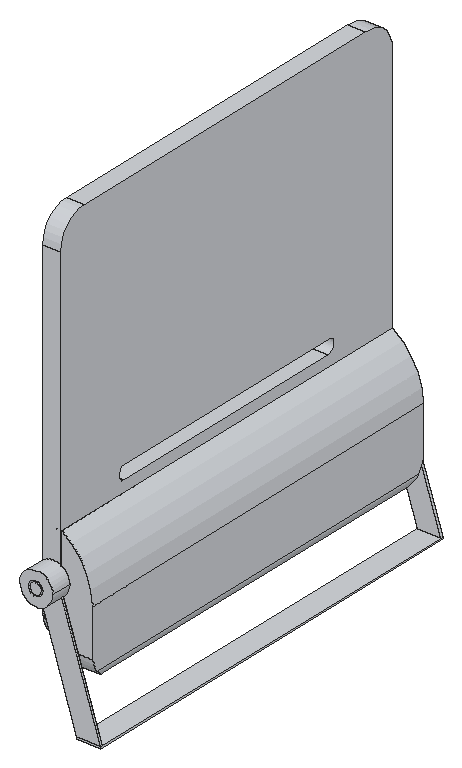
Revit family "2824074", category Generic Models, host Face, Revit 2018
Family settings
  Host = Face
  Can host rebar = No
  Round Connector Dimension = Use Diameter
  Part Type = Normal
  OmniClass Number = 23.80.70.00
  OmniClass Title = Lighting
  Cut with Voids When Loaded = No
  Shared = No
  Room Calculation Point = No
Parameters (values of type "Type Name")
  rotation axis = 142.4 mm
  bracket width = 588 mm
  URL = "http://www.sylvania-lighting.com"
  Type Image = <None>
  Type Comments = "n/a"
  Material_3_SYL = none
  Model = ""
  Manufacturer = "Feilo Sylvania"
  Keynote = ""
  Material_2_SYL = none
  Height = 157.859 mm
  Description = ""
  Default Elevation = 1219.2 mm
  Cost = 0
  Material_1_SYL = none
  Bracket Height = 195 mm
  Assembly Code = ""
  Material_4_SYL = none
Reference planes
  plane 1 "Center (Front/Back)": y = 0
  plane 2: z = 0
  plane 3 "Center (Left/Right)": x = 0
  plane 4: x = -16.5
  plane 5: x = 16.5
  plane 6: z = 155
  plane 7: x = -51.5
  plane 8: z = 137
  plane 9 "Rotation Axis": z = 142.4
  plane 10: z = 152.35
  plane 11: z = 195
  plane 12: x = -73.847
  plane 13: y = 294
  plane 14: y = -294
  plane 15: through (-72.693, -4572, 174.07) normal (-0.3105, 0, 0.9506)
  plane 16: through (-63.557, -4572, 193.954) normal (0.9506, 0, 0.3105)
  plane 17: y = 312
  plane 18: y = 288
  plane 19: y = -312
  plane 20: y = -286
  plane 21: z = 65
Forms (mm)
  Extrusion 1, solid, detail levels medium+fine
    sketch origin (0, 0, 0) x (1, 0, 0) y (0, 1, 0)
      loop
        line (-16.5, 294) -> (-16.5, -294) -> (16.5, -294) -> (16.5, 294) -> (-16.5, 294)
    from 0 to 2
  Extrusion 2, solid, detail levels medium+fine
    sketch origin (1524, -474.9, 1220.035) x (1, 0, 0) y (0, 0, 1)
      loop
        line (-1540.496, -1218.035) -> (-1507.966, -1218.035) -> (-1567.674, -1035.217)
        arc (-1567.674, -1035.217) -> (-1587.557, -1026.081) -> (-1596.693, -1045.965) r 15.473
        line (-1596.693, -1045.965) -> (-1540.496, -1218.035)
    from -180.9 to -182.9
  Extrusion 3, solid, detail levels medium+fine
    sketch origin (0, 0, 0.069) x (1, 0, 0) y (0, 0, 1)
      loop
        line (-16.39, 1.931) -> (16.139, 1.931) -> (-43.636, 184.958)
        arc (-43.636, 184.958) -> (-63.457, 193.922) -> (-72.656, 174.21) r 15.474
        line (-72.656, 174.21) -> (-16.39, 1.931)
    from -294 to -292
  Extrusion 4, solid, detail levels medium+fine
    sketch origin (-6.388, 0, 36.204) x (1, 0, 0) y (0, 0, 1)
      loop
        circle (-51.99, 142.374) r 22.5
    from -286.248 to -312
  Extrusion 5, solid, detail levels medium+fine
    sketch origin (-6.358, 0, 36.195) x (1, 0, 0) y (0, 0, 1)
      loop
        circle (-51.99, 142.374) r 22.5
    from 283.024 to 312
  Extrusion 6, void
    sketch origin (-6.561, 0, 36.284) x (1, 0, 0) y (0, 0, 1)
      loop
        circle (-51.99, 142.374) r 10
    from 294 to 312
  Extrusion 7, solid, detail levels fine
    sketch origin (-6.561, 0, 36.201) x (1, 0, 0) y (0, 0, 1)
      loop
        circle (-51.99, 142.374) r 7.5
    from 294 to 312
  Extrusion 8, void
    sketch origin (1517.357, -324.9, 1255.472) x (1, 0, 0) y (0, 0, 1)
      loop
        circle (-1575.99, -1076.826) r 10
    from -636.9 to -618.9
  Extrusion 9, solid, detail levels fine
    sketch origin (1517.42, -324.9, 1255.374) x (1, 0, 0) y (0, 0, 1)
      loop
        circle (-1575.99, -1076.826) r 7.5
    from -636.9 to -618.9
  Revolve 10, solid, not visible, detail levels coarse
    sketch origin (-58.257, 1655.459, 1254.912) x (0, 1, 0) y (0, 0, 1)
      loop
        line (-1369.21, -1054.349) -> (-1379.437, -1054.349) -> (-1379.437, -1074.349) -> (-1369.21, -1074.349) -> (-1369.21, -1054.349)
      axis (-1369.21, -1076.8) -> (-1379.437, -1076.8)
    angle from 0 to 180
Cuts and joins
  Extrusion 6 cuts Extrusion 5
  Extrusion 8 cuts Extrusion 4
Dimensions and locks
  "Bracket Height": plane 11 to level
  "bracket width": plane 14 to plane 13
  equal spacing: plane 14, plane 1 "Center (Front/Back)", plane 13
  aligned and locked: plane 2 to host face
  aligned and locked: level to host face
Automatic sketch dimensions
  host sketch curve to host sketch curve = 2438.4 mm  (x2)
  Extrusion 1 sketch curve to plane 4 = 0 mm
  Extrusion 1 sketch curve to plane 5 = 0 mm
  Extrusion 4 sketch curve to plane 9 "Rotation Axis" = 36.178 mm
  Extrusion 5 sketch curve to plane 9 "Rotation Axis" = 36.169 mm
  Extrusion 6 sketch curve to plane 9 "Rotation Axis" = 36.258 mm
  Extrusion 7 sketch curve to plane 9 "Rotation Axis" = 36.175 mm
  Extrusion 8 sketch curve to plane 9 "Rotation Axis" = 36.246 mm
  Extrusion 9 sketch curve to plane 9 "Rotation Axis" = 36.148 mm
  Revolve 10 sketch curve to plane 9 "Rotation Axis" = 35.712 mm
  Revolve 10 sketch curve to Revolve 10 sketch curve = 10.227 mm
  Revolve 10 sketch curve to plane 9 "Rotation Axis" = 38.163 mm
  plane 6 to Revolve 10 sketch curve = 45.563 mm
  Revolve 10 sketch curve to Revolve 10 sketch curve = 62.43 mm
  Revolve 10 sketch curve to Revolve 10 sketch curve = 22.367 mm
  plane 12 to Extrusion 2 sketch curve = 1.154 mm
  plane 7 to Extrusion 2 sketch curve = 6.684 mm
  Extrusion 2 sketch curve to plane 7 = 7.826 mm
  plane 4 to Extrusion 2 sketch curve = 0.004 mm
  level to Extrusion 2 sketch curve = 2 mm
  plane 6 to Extrusion 2 sketch curve = 19.07 mm
  Extrusion 2 sketch curve to Extrusion 2 sketch curve = 5.374 mm
  Extrusion 2 sketch curve to plane 5 = 0.466 mm
  plane 12 to Extrusion 3 sketch curve = 1.191 mm
  plane 7 to Extrusion 3 sketch curve = 6.582 mm
  Extrusion 3 sketch curve to plane 7 = 7.864 mm
  plane 4 to Extrusion 3 sketch curve = 0.11 mm
  Extrusion 3 sketch curve to plane 5 = 0.361 mm
  level to Extrusion 3 sketch curve = 2 mm
  Extrusion 3 sketch curve to Extrusion 3 sketch curve = 5.202 mm
  Extrusion 3 sketch curve to plane 11 = 9.973 mm
  plane 7 to Extrusion 6 sketch curve = 7.052 mm
  plane 7 to Extrusion 7 sketch curve = 7.051 mm
  plane 7 to Extrusion 9 sketch curve = 7.07 mm
  plane 7 to Extrusion 4 sketch curve = 6.879 mm
  plane 7 to Extrusion 5 sketch curve = 6.848 mm
  plane 7 to Extrusion 8 sketch curve = 7.133 mm
  Extrusion 1 sketch curve to plane 13 = 0 mm
  Extrusion 1 sketch curve to plane 14 = 0 mm
  Revolve 10 sketch curve to plane 18 = 11.979 mm
  radius of Extrusion 4 sketch curve = 22.5 mm
  radius of Extrusion 5 sketch curve = 22.5 mm
  radius of Extrusion 6 sketch curve = 10 mm
  radius of Extrusion 7 sketch curve = 7.5 mm
  radius of Extrusion 8 sketch curve = 10 mm
  radius of Extrusion 9 sketch curve = 7.5 mm
Nested families
  nested 1: "2824074" at (-58.257, -66.148, 317.5) x (0, 1, 0) z (1, 0, 0), type "2824074 RAIDEN IP66 30KLM 840 ASYM"
    with built-in parameter 1114216 (empty or 0)
Definition of nested family "2824074"
  Parameters (values of type "2824074 RAIDEN IP66 30KLM 840 ASYM")
    height = 60 mm
    Width = 319 mm
    Wattage Comments = "n/a"
    Wattage = 9.2903 W
    built-in parameter 1150110 = 1 (stored number, unit not read)
    URL = "0.95"
    Type Image = (empty or 0)
    Type Comments = "n/a"
    built-in parameter 1114217 = 1 (stored number, unit not read)
    Tilt Angle = -90.00°
    built-in parameter 1150109 = 1 (stored number, unit not read)
    built-in parameter 1150134 = 3
    built-in parameter 1150113 = 1 (stored number, unit not read)
    Photometric Web File = "2824074.IES"
    Material_3_SYL = none
    Model = "Raiden IP66 30KLM 840 Asymmetric Wide"
    Manufacturer = ""
    built-in parameter 1150105 = 109.82 (stored number, unit not read)
    Lumens = 1380 lm
    built-in parameter 1150115 = 1 (stored number, unit not read)
    built-in parameter 1150137 = (empty or 0)
    built-in parameter 1150139 = (empty or 0)
    Length = 511 mm
    built-in parameter 1150112 = 1 (stored number, unit not read)
    built-in parameter 1150114 = 1 (stored number, unit not read)
    Lamp = "n/a"
    Keynote = "n/a"
    Material_2_SYL = none
    built-in parameter 1150132 = (empty or 0)
    built-in parameter 1150102 = (empty or 0)
    built-in parameter 1150107 = 3200 (stored number, unit not read)
    built-in parameter 1150138 = (empty or 0)
    built-in parameter 1150106 = 1.0982 (stored number, unit not read)
    Emit from Circle Diameter = 609.6 mm
    Emit Shape Visible in Rendering = no
    built-in parameter 1150104 = 13.8 (stored number, unit not read)
    Dimming Lamp Color Temperature Shift = (empty or 0)
    Description = "Outdoor and indoor floodlight range with in house design, comes complete with 1m flying lead and adjustable bracket, aluminium housing, RAL 9022 - Pearl light grey, clear glass diffuser, IP66, IK08, Class I, 4000K, Non-dimming, 28800lm, 221W, 130lm/W, CRI80, Asymmetric Wide beam angle 110*50°, 100000 hrs L80B50 lifespan, 561x569x76mm (LxWxH) dimensions, 12.5kg weight."
    Default Elevation = 1219.2 mm
    Cost = 0
    Color Filter = 16777215
    built-in parameter 1114216 [instance] = (empty or 0)
    Material_1_SYL = none
    Body Length = 561 mm
    built-in parameter 1114218 = 1 (stored number, unit not read)
    built-in parameter 1150133 = 10 (stored number, unit not read)
    Assembly Code = "D5020200"
    Apparent Load = 221 VA
    Material_4_SYL = none
  Reference planes
    plane 1 "Center (Front/Back)": y = 2.5
    plane 2: z = 0.95
    plane 3 "Center (Left/Right)": x = 68.124
    plane 4: z = -14.05
    plane 5: z = 15.95
    plane 6: z = 0.95
    plane 7: z = 45.95
    plane 8: y = -253
    plane 9: y = -56
    plane 10: x = 253.624
    plane 11: x = -117.376
    plane 12: x = -123.376
    plane 13: y = -226
    plane 14: y = -76
    plane 15: y = -41.5
    plane 16: y = -213
    plane 17: x = 187.624
    plane 18: x = 259.624
    plane 19: x = 352.624
    plane 20: x = -216.376
    plane 21: x = -194.376
    plane 22: x = 330.624
    plane 23: y = 308
    plane 24: y = 286
    plane 25: x = 322.624
  Forms (mm)
    Extrusion 1, solid
      sketch origin (26.073, 0, 0.95) x (1, 0, 0) y (0, 1, 0)
        loop
          line (-1219.2, 1219.2) -> (-1219.2, -1219.2) -> (1219.2, -1219.2) -> (1219.2, 1219.2) -> (-1219.2, 1219.2)
      from 0 to -68.017
    Extrusion 2, solid, detail levels medium+fine
      sketch origin (83.124, -34.451, 0.95) x (1, 0, 0) y (0, 1, 0)
        loop
          line (-299.5, 302.451) -> (-299.5, -151.549)
          arc (-299.5, -151.549) -> (-287.784, -179.833) -> (-259.5, -191.549) r 40
          line (-259.5, -191.549) -> (229.5, -191.549)
          arc (229.5, -191.549) -> (257.784, -179.833) -> (269.5, -151.549) r 40
          line (269.5, -151.549) -> (269.5, 303.451)
          arc (269.5, 303.451) -> (256.273, 332.849) -> (225.5, 342.451) r 39.284
          line (225.5, 342.451) -> (-259.5, 342.451)
          arc (-259.5, 342.451) -> (-287.784, 330.735) -> (-299.5, 302.451) r 40
      from -15 to 9.702
    Extrusion 3, solid, detail levels medium+fine
      sketch origin (402.124, 1489.549, 1205.15) x (0, 1, 0) y (0, 0, 1)
        loop
          line (-1644.468, -1151.519) -> (-1728.014, -1151.519)
          arc (-1728.014, -1151.519) -> (-1739.904, -1157.404) -> (-1742.436, -1170.427) r 14.954
          line (-1742.436, -1170.427) -> (-1715.549, -1219.2) -> (-1565.549, -1219.2) -> (-1565.549, -1194.2)
          arc (-1565.549, -1194.2) -> (-1599.607, -1162.873) -> (-1644.468, -1151.519) r 94.303
      from -618.5 to -49.5
    Extrusion 4, void
      sketch origin (81.72, -11.578, 0.95) x (1, 0, 0) y (0, 1, 0)
        loop
          arc (-276.096, 29.078) -> (-271.703, 18.471) -> (-261.096, 14.078) r 15
          line (-261.096, 14.078) -> (233.904, 14.078)
          arc (233.904, 14.078) -> (244.51, 18.471) -> (248.904, 29.078) r 15
          line (248.904, 29.078) -> (248.904, 282.578)
          arc (248.904, 282.578) -> (244.51, 293.184) -> (233.904, 297.578) r 15
          line (233.904, 297.578) -> (-261.096, 297.578)
          arc (-261.096, 297.578) -> (-271.703, 293.184) -> (-276.096, 282.578) r 15
          line (-276.096, 282.578) -> (-276.096, 29.078)
      from -16.268 to -10.594
    Extrusion 5, solid, detail levels fine
      sketch origin (83.124, 0.218, 0.95) x (1, 0, 0) y (0, 1, 0)
        loop
          arc (-262.5, 285.782) -> (-273.107, 281.388) -> (-277.5, 270.782) r 15
          line (-277.5, 270.782) -> (-277.5, 17.282)
          arc (-277.5, 17.282) -> (-273.107, 6.675) -> (-262.5, 2.282) r 15
          line (-262.5, 2.282) -> (232.5, 2.282)
          arc (232.5, 2.282) -> (243.107, 6.675) -> (247.5, 17.282) r 15
          line (247.5, 17.282) -> (247.5, 270.782)
          arc (247.5, 270.782) -> (243.107, 281.388) -> (232.5, 285.782) r 15
          line (232.5, 285.782) -> (-262.5, 285.782)
      from -12.231 to -10.594
    Extrusion 6, void
      sketch origin (58.977, -53.062, 0.95) x (1, 0, 0) y (0, 1, 0)
        loop
          arc (184.512, -8.423) -> (194.512, 1.577) -> (184.512, 11.577) r 10
          line (184.512, 11.577) -> (-166.339, 11.577)
          arc (-166.339, 11.577) -> (-176.339, 1.577) -> (-166.339, -8.423) r 10
          line (-166.339, -8.423) -> (184.512, -8.423)
      from -18.734 to 12.525
    Extrusion 7, void
      sketch origin (68.124, -34.451, 0) x (0, 1, 0) y (0, 0, 1)
        loop
          line (-253.049, 15.95) -> (-253.049, -34.125) -> (-191.549, -30.902) -> (-191.549, 15.95) -> (-253.049, 15.95)
      from 191.5 to 306.113
    Extrusion 8, void
      sketch origin (68.124, -34.451, 0) x (0, 1, 0) y (0, 0, 1)
        loop
          line (-191.549, 15.95) -> (-275.432, 15.95) -> (-275.432, -28.004) -> (-191.549, -28.004) -> (-191.549, 15.95)
      from -308.216 to -191.5
    Extrusion 9, void
      sketch origin (-101.376, -126, 0.95) x (1, 0, 0) y (0, 1, 0)
        loop
          line (-115, -60) -> (-115, -100) -> (-75, -100)
          arc (-75, -100) -> (-103.284, -88.284) -> (-115, -60) r 40
      from -22.043 to 15
    Extrusion 10, void
      sketch origin (216.954, 19.065, 0.95) x (1, 0, 0) y (0, 1, 0)
        loop
          line (95.67, -245.065) -> (135.67, -245.065) -> (135.67, -205.065)
          arc (135.67, -205.065) -> (123.954, -233.349) -> (95.67, -245.065) r 40
      from -24.354 to 15
    Extrusion 11, solid, detail levels medium+fine
      sketch origin (1742.042, -359.351, 1205.129) x (1, 0, 0) y (0, 0, 1)
        loop
          circle (-1419.5, -1204.2) r 11
      from -140.977 to -106.464
    Extrusion 12, void
      sketch origin (-125, 0, 0.95) x (1, 0, 0) y (0, 1, 0)
        loop
          line (-91.376, -186) -> (-91.376, -226) -> (-51.376, -226)
          arc (-51.376, -226) -> (-79.66, -214.284) -> (-91.376, -186) r 40
      from -15 to 15
    Extrusion 13, void
      sketch origin (-125.5, 7.123, 0.95) x (1, 0, 0) y (0, 1, 0)
        loop
          line (-91.376, -221) -> (-91.376, -261) -> (-51.376, -261)
          arc (-51.376, -261) -> (-79.66, -249.284) -> (-91.376, -221) r 40
      from 0 to 100
    Extrusion 14, void
      sketch origin (125, 3.379, 0.95) x (1, 0, 0) y (0, 1, 0)
        loop
          arc (227.624, -217.683) -> (215.905, -245.976) -> (187.612, -257.696) r 40.012
          line (187.612, -257.696) -> (227.624, -257.696) -> (227.624, -217.683)
      from 12.525 to 100
    Extrusion 15, solid, detail levels coarse
      sketch origin (0, 0, 0.95) x (1, 0, 0) y (0, 1, 0)
        loop
          line (-216.376, 308) -> (-216.376, -252.887) -> (352.624, -252.887) -> (352.624, 308) -> (-216.376, 308)
      from -15 to 52.681
  Cuts and joins
    Extrusion 4, Extrusion 6, Extrusion 7, Extrusion 8, Extrusion 9, Extrusion 10, Extrusion 12 cuts Extrusion 2
    Extrusion 6, Extrusion 7, Extrusion 8, Extrusion 9, Extrusion 10, Extrusion 12, Extrusion 13, Extrusion 14 cuts Extrusion 3
    Extrusion 14 cuts Extrusion 11
  Dimensions and locks
    "height": plane 4 to plane 7
    plane 1 "Center (Front/Back)" to plane 8 = 255.5 mm
    Extrusion 15 to Extrusion 2 = 534 mm
    plane 1 "Center (Front/Back)" to Extrusion 5 = 283.5 mm
    "Body Length": plane 23 to plane 8
    aligned and locked: plane 2 to Extrusion 1
    aligned and locked: level to Extrusion 1
  Automatic sketch dimensions
    Extrusion 1 sketch curve to Extrusion 1 sketch curve = 2438.4 mm  (x2)
    Extrusion 4 sketch curve to plane 3 "Center (Left/Right)" = 262.5 mm
    Extrusion 4 sketch curve to Extrusion 4 sketch curve = 15 mm  (x3)
    plane 1 "Center (Front/Back)" to Extrusion 4 sketch curve = 0 mm
    Extrusion 4 sketch curve to Extrusion 4 sketch curve = 253.5 mm
    Extrusion 5 sketch curve to plane 3 "Center (Left/Right)" = 262.5 mm
    Extrusion 5 sketch curve to Extrusion 5 sketch curve = 15 mm  (x2)
    plane 1 "Center (Front/Back)" to Extrusion 5 sketch curve = 0 mm
    Extrusion 5 sketch curve to Extrusion 5 sketch curve = 253.5 mm
    Extrusion 7 sketch curve to plane 5 = 0 mm
    Extrusion 7 sketch curve to plane 4 = 16.852 mm
    Extrusion 7 sketch curve to plane 4 = 20.075 mm
    Extrusion 8 sketch curve to plane 5 = 0 mm
    Extrusion 8 sketch curve to plane 4 = 13.954 mm
    Extrusion 8 sketch curve to Extrusion 8 sketch curve = 83.883 mm
    Extrusion 9 sketch curve to plane 3 "Center (Left/Right)" = 284.5 mm
    Extrusion 9 sketch curve to Extrusion 9 sketch curve = 40 mm
    Extrusion 11 sketch curve to level = 0.021 mm
    Extrusion 10 sketch curve to Extrusion 10 sketch curve = 40 mm
    plane 13 to Extrusion 12 sketch curve = 0 mm
    Extrusion 13 sketch curve to plane 16 = 0.877 mm
    Extrusion 13 sketch curve to plane 8 = 0.877 mm
    plane 17 to Extrusion 14 sketch curve = 124.988 mm
    Extrusion 14 sketch curve to plane 16 = 1.305 mm
    Extrusion 14 sketch curve to plane 8 = 1.317 mm
    Extrusion 7 sketch curve to plane 13 = 0 mm
    Extrusion 7 sketch curve to plane 8 = 34.5 mm
    Extrusion 8 sketch curve to plane 13 = 0 mm
    Extrusion 9 sketch curve to plane 13 = 0 mm
    Extrusion 10 sketch curve to plane 13 = 0 mm
    plane 9 to Extrusion 6 sketch curve = 14.516 mm
    plane 14 to Extrusion 6 sketch curve = 14.516 mm
    plane 11 to Extrusion 6 sketch curve = 10.014 mm
    Extrusion 6 sketch curve to plane 10 = 10.135 mm
    Extrusion 3 sketch curve to plane 4 = 0 mm
    Extrusion 3 sketch curve to plane 13 = 0 mm
    Extrusion 3 sketch curve to plane 14 = 0 mm
    plane 8 to Extrusion 3 sketch curve = 14.535 mm
    plane 8 to Extrusion 3 sketch curve = 0.113 mm
    Extrusion 3 sketch curve to plane 4 = 26.622 mm
    Extrusion 3 sketch curve to plane 7 = 11.227 mm
    Extrusion 3 sketch curve to plane 7 = 7.273 mm
    Extrusion 3 sketch curve to plane 5 = 5 mm
    plane 8 to Extrusion 15 sketch curve = 0.113 mm
    Extrusion 15 sketch curve to plane 20 = 0 mm
    plane 17 to Extrusion 4 sketch curve = 128 mm  (x2)
    plane 17 to Extrusion 5 sketch curve = 128 mm  (x2)
    Extrusion 10 sketch curve to plane 19 = 0 mm
    plane 17 to Extrusion 11 sketch curve = 134.918 mm
    Extrusion 15 sketch curve to plane 19 = 0 mm
    Extrusion 15 sketch curve to plane 23 = 0 mm
    Extrusion 12 sketch curve to plane 20 = 0 mm
    plane 21 to Extrusion 12 sketch curve = 18 mm
    Extrusion 5 sketch curve to plane 22 = 0 mm
    Extrusion 2 sketch curve to plane 20 = 0 mm
    Extrusion 2 sketch curve to plane 13 = 0 mm
    Extrusion 2 sketch curve to plane 23 = 0 mm
    Extrusion 2 sketch curve to plane 19 = 0 mm
    plane 21 to Extrusion 2 sketch curve = 18 mm  (x2)
    Extrusion 2 sketch curve to plane 22 = 18 mm
    Extrusion 2 sketch curve to plane 24 = 17 mm
    Extrusion 2 sketch curve to Extrusion 2 sketch curve = 39.284 mm
    Extrusion 13 sketch curve to plane 20 = 0.5 mm
    radius of Extrusion 11 sketch curve = 11 mm
  Connectors
    electrical at (322.542, -252.887, 0.929)
      settings: on Extrusion 11, index 1, voltage 0 V, apparent load 0 VA, apparent load phase1 0 VA, apparent load phase2 0 VA, apparent load phase3 0 VA, power factor 1, load classification none, number of poles 1, system type 31, power factor state 1, is connector primary yes, connector utility no, sub classification motor no, connector description ""
